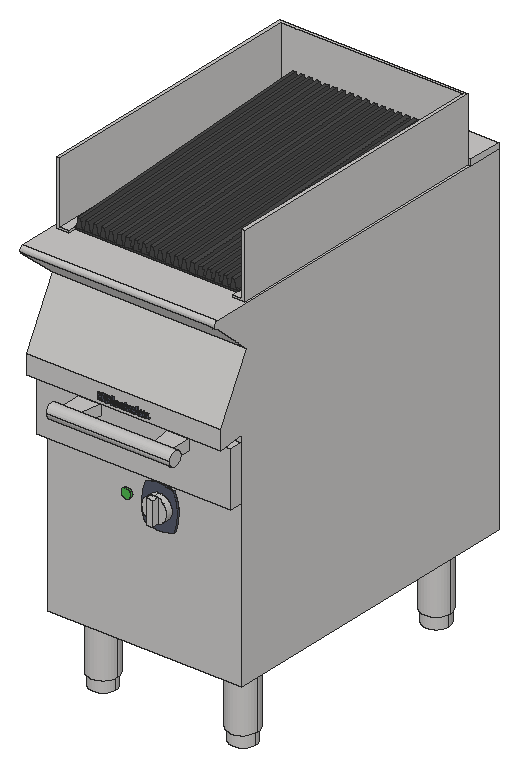
Revit family "QF_ELECTROLUXPROFESSIONAL_371241_E7GREDGCFU", category Specialty Equipment, Revit 2018
Family settings
  Round Connector Dimension = Use Diameter
  Part Type = Normal
  Work Plane-Based = No
  Always vertical = Yes
  Cut with Voids When Loaded = No
  Shared = No
  Room Calculation Point = No
Parameters
  Width = 400.05 mm  # constant formula
  Weight in Pounds = 88  # constant formula
  Watts = 6000 VA  # 6000 W
  Volts = 400 V  # constant formula
  URL Cutsheet = "www.electrolux.com/foodservice"
  URL = "www.electrolux.com/foodservice"
  Type Mark [instance] = ""
  Status [instance] = ""
  Specification by User [instance] = ""
  Specification by Manufacturer = ""
  Show Logo [instance] = yes
  Show Clearance [instance] = yes
  Serial Number = ""
  Seismic Rating = ""
  SMACNA No = ""
  Revision Code [instance] = ""
  Phase = 3  # constant formula
  Omniclass Number and Title = ""
  Number of Poles [instance] = 1
  NAFEM Spec ID Number = ""
  Model = "371064"
  Min Ckt Ampacity = 0 A
  Max Overcurrent Protection = 0 A
  Masterspec = ""
  Manufacturer = "ELECTROLUX"
  Item Number [instance] = ""
  Installed By [instance] = ""
  Identify Quantity as Lot [instance] = yes
  Height = 333.375 mm  # constant formula
  HP = "8 HP"
  Furnished By [instance] = ""
  Foodservice Equipment Identifier [instance] = yes
  FL Amps = if(Phase = 3, Watts / (Volts * 1.73), Watts / Volts)  # 8.67052 A
  Electrical Remarks [instance] = "400 V/3N ph/50/60 Hz"  # constant formula
  Electric Connection Type [instance] = ""
  Elec Conn RI Height [instance] = 0 mm
  Elec Conn Connection Height [instance] = 0 mm
  Direct Waste Size = 0"
  Description = "700XP Half Module Freestanding Electric Char-Grill"
  Depth = 730.25 mm  # constant formula
  Cycle [instance] = if([60 Hertz Option], 60 Hz, 50 Hz)  # 60 Hz
  Conn Plug = ""
  Conn Conduit = yes
  CSI MasterFormat = ""
  CSI Master Format = ""
  Base Height [instance] = 150 mm  # constant formula
  Assembly Code = ""
  Apparent Power = if(Phase = 3, Volts * FL Amps * 1.73, Volts * FL Amps)  # 6000 VA
  60 Hertz Option [instance] = not([50 Hertz Option])  # yes
  50 Hertz Option [instance] = no
Reference planes
  plane 1 "BACK": y = 0
  plane 2: z = 0
  plane 3 "LEFT": x = 0
  plane 4 "RIGHT": x = 400.05
  plane 5 "FRONT": y = -730.25
  plane 6 "TOP": z = 982
  plane 7 "Center Y": x = 200.025
  plane 8 "Center X": y = -365.125
  plane 9 "BASE": z = 601
  plane 10 "TOP A": z = 851
  plane 11: y = -587.387
  plane 12: y = -90
  plane 13: z = 150
  plane 14: y = -754.062
Forms (mm)
  Extrusion 1, solid, material "QF_Finishes_Stainless Steel"
    sketch origin (0, 0, 0) x (0, 1, 0) y (0, 0, 1)
      loop
        line (0, 851) -> (-722.928, 851)
        arc (-722.928, 851) -> (-729.69, 846.314) -> (-727.679, 838.336) r 7.223
        line (-727.679, 838.336) -> (-646.919, 767.809) -> (-713.772, 646.19) -> (-713.772, 608.09) -> (-660.4, 613.7) -> (-660.4, 150) -> (0, 150) -> (0, 851)
      loop
        line (-687.387, 601) -> (-687.387, 487.732) -> (-661.987, 487.732) -> (-661.987, 601) -> (-687.387, 601)
    from 0 to 400.05
  Extrusion 2, solid, material "QF_Finishes_Navy Blue", visible <- "Show Logo"
    sketch origin (-140, -713.772, 608.09) x (0, 0, 1) y (-1, 0, 0)
      loop
        line (20.674, -296.698) -> (8.307, -296.698)
        arc (8.307, -296.698) -> (14.491, -301.27) -> (20.674, -296.698) r 6.467
      loop
        arc (20.674, -296.069) -> (19.505, -290.926) -> (14.849, -288.448) r 6.338
        line (14.849, -288.448) -> (14.849, -290.494)
        arc (14.849, -290.494) -> (16.333, -294.149) -> (19.778, -296.069) r 5.941
        line (19.778, -296.069) -> (20.674, -296.069)
      loop
        arc (9.203, -296.069) -> (12.648, -294.149) -> (14.132, -290.494) r 5.941
        line (14.132, -290.494) -> (14.132, -288.448)
        arc (14.132, -288.448) -> (9.438, -290.922) -> (8.148, -296.069) r 6.504
        line (8.148, -296.069) -> (9.203, -296.069)
      loop
        line (21.349, -287.979) -> (7.604, -287.979) -> (7.604, -301.742) -> (21.349, -301.742) -> (21.349, -287.979)
      loop
        arc (21.432, -304.71) -> (21.085, -304.352) -> (20.718, -304.69) r 0.358
        arc (20.718, -304.69) -> (20.404, -305.44) -> (19.687, -305.825) r 1.216
        line (19.687, -305.825) -> (9.274, -305.825)
        arc (9.274, -305.825) -> (8.614, -305.548) -> (8.218, -304.951) r 1.238
        arc (8.218, -304.951) -> (7.823, -304.7) -> (7.518, -305.054) r 0.358
        line (7.518, -305.054) -> (7.518, -314.933) -> (10.269, -314.933) -> (10.269, -314.036)
        arc (10.269, -314.036) -> (9.36, -313.456) -> (8.904, -312.479) r 1.928
        line (8.904, -312.479) -> (8.904, -309.98)
        arc (8.904, -309.98) -> (9.18, -309.251) -> (9.868, -308.887) r 1.101
        line (9.868, -308.887) -> (13.955, -308.887) -> (13.955, -312.561)
        arc (13.955, -312.561) -> (13.602, -313.058) -> (13.037, -313.286) r 1.083
        arc (13.037, -313.286) -> (12.773, -313.591) -> (13.065, -313.869) r 0.292
        line (13.065, -313.869) -> (16.028, -313.869)
        arc (16.028, -313.869) -> (16.33, -313.596) -> (16.092, -313.266) r 0.305
        arc (16.092, -313.266) -> (15.601, -313.018) -> (15.296, -312.561) r 1.083
        line (15.296, -312.561) -> (15.296, -308.887) -> (19.973, -308.887) -> (19.973, -312.635)
        arc (19.973, -312.635) -> (19.759, -313.39) -> (19.153, -313.888) r 1.314
        arc (19.153, -313.888) -> (18.934, -314.292) -> (19.288, -314.585) r 0.361
        line (19.288, -314.585) -> (21.432, -314.585) -> (21.432, -304.71)
      loop
        arc (20.715, -315.365) -> (20.335, -316.284) -> (19.416, -316.664) r 1.299
        line (19.416, -316.664) -> (9.837, -316.664)
        arc (9.837, -316.664) -> (8.999, -316.286) -> (8.728, -315.408) r 1.118
        line (8.728, -315.408) -> (7.518, -315.408) -> (7.518, -320.758) -> (8.706, -320.758)
        arc (8.706, -320.758) -> (8.978, -319.841) -> (9.848, -319.445) r 1.153
        line (9.848, -319.445) -> (21.92, -319.445) -> (20.715, -315.365)
      loop
        line (12.483, -323.394) -> (12.483, -329.842) -> (13.282, -329.842)
        arc (13.282, -329.842) -> (15.862, -328.857) -> (17.131, -326.404) r 3.874
        line (17.131, -326.404) -> (17.131, -324.643)
        arc (17.131, -324.643) -> (15.944, -321.778) -> (13.08, -320.592) r 4.051
        line (13.08, -320.592) -> (11.072, -320.592)
        arc (11.072, -320.592) -> (8.253, -322.077) -> (7.202, -325.084) r 4.352
        arc (7.202, -325.084) -> (7.566, -327.547) -> (8.943, -329.621) r 5.713
        line (8.943, -329.621) -> (9.892, -329.621)
        arc (9.892, -329.621) -> (9.16, -328.052) -> (8.943, -326.334) r 5.579
        arc (8.943, -326.334) -> (9.737, -324.371) -> (11.616, -323.394) r 3.057
        line (11.616, -323.394) -> (12.483, -323.394)
      loop
        line (13.742, -323.394) -> (13.742, -326.977)
        arc (13.742, -326.977) -> (15.199, -327.024) -> (16.082, -325.864) r 1.59
        line (16.082, -325.864) -> (16.082, -325.034)
        arc (16.082, -325.034) -> (15.217, -323.779) -> (13.742, -323.394) r 2.184
      loop
        arc (16.533, -339.259) -> (17.022, -337.585) -> (17.179, -335.848) r 9.023
        line (17.179, -335.848) -> (17.179, -334.486)
        arc (17.179, -334.486) -> (16.02, -331.686) -> (13.22, -330.527) r 3.959
        line (13.22, -330.527) -> (10.62, -330.527)
        arc (10.62, -330.527) -> (8.338, -331.819) -> (7.221, -334.192) r 4.331
        line (7.221, -334.192) -> (7.221, -336.327)
        arc (7.221, -336.327) -> (7.729, -337.877) -> (8.651, -339.223) r 5.772
        arc (8.651, -339.223) -> (9.412, -339.274) -> (9.499, -338.515) r 0.553
        arc (9.499, -338.515) -> (9.111, -337.781) -> (8.977, -336.962) r 2.573
        line (8.977, -336.962) -> (8.977, -335.447)
        arc (8.977, -335.447) -> (9.983, -333.806) -> (11.798, -333.163) r 2.884
        line (11.798, -333.163) -> (13.077, -333.163)
        arc (13.077, -333.163) -> (14.898, -333.723) -> (15.824, -335.388) r 2.554
        line (15.824, -335.388) -> (15.824, -336.441)
        arc (15.824, -336.441) -> (15.493, -337.369) -> (14.836, -338.104) r 2.564
        arc (14.836, -338.104) -> (14.614, -338.821) -> (15.223, -339.259) r 0.643
        line (15.223, -339.259) -> (16.533, -339.259)
      loop
        line (15.515, -339.53) -> (15.515, -341.031) -> (9.467, -341.031)
        arc (9.467, -341.031) -> (7.879, -341.688) -> (7.221, -343.276) r 2.246
        line (7.221, -343.276) -> (7.221, -344.86)
        arc (7.221, -344.86) -> (7.535, -345.725) -> (8.035, -346.496) r 4.06
        arc (8.035, -346.496) -> (8.768, -346.629) -> (9.019, -345.928) r 0.576
        arc (9.019, -345.928) -> (8.913, -345.403) -> (8.977, -344.87) r 1.69
        arc (8.977, -344.87) -> (9.519, -344.082) -> (10.425, -343.779) r 1.506
        line (10.425, -343.779) -> (15.563, -343.779) -> (15.563, -346.176) -> (16.119, -346.733) -> (16.941, -346.733) -> (16.941, -343.873) -> (20.172, -343.873) -> (15.515, -339.53)
      loop
        line (7.438, -347.63) -> (7.438, -353.017) -> (8.548, -353.017)
        arc (8.548, -353.017) -> (8.942, -352.066) -> (9.893, -351.672) r 1.345
        line (9.893, -351.672) -> (13.509, -351.672)
        arc (13.509, -351.672) -> (14.274, -352.264) -> (14.564, -353.186) r 1.615
        line (14.564, -353.186) -> (14.564, -354.742) -> (17.119, -355.427) -> (17.119, -354.044) -> (15.177, -351.485) -> (17.057, -351.485) -> (16.773, -348.779)
        arc (16.773, -348.779) -> (16.333, -348.249) -> (15.674, -348.45) r 0.621
        arc (15.674, -348.45) -> (15.274, -348.792) -> (14.78, -348.975) r 1.501
        line (14.78, -348.975) -> (9.893, -348.975)
        arc (9.893, -348.975) -> (8.942, -348.581) -> (8.548, -347.63) r 1.345
        line (8.548, -347.63) -> (7.438, -347.63)
      loop
        line (13.54, -354.964) -> (10.848, -354.964)
        arc (10.848, -354.964) -> (8.403, -356.272) -> (7.269, -358.803) r 4.288
        arc (7.269, -358.803) -> (7.205, -360.183) -> (7.269, -361.563) r 15.022
        arc (7.269, -361.563) -> (8.403, -364.094) -> (10.848, -365.401) r 4.288
        line (10.848, -365.401) -> (13.54, -365.401)
        arc (13.54, -365.401) -> (15.986, -364.094) -> (17.119, -361.563) r 4.288
        arc (17.119, -361.563) -> (17.183, -360.183) -> (17.119, -358.803) r 15.022
        arc (17.119, -358.803) -> (15.986, -356.272) -> (13.54, -354.964) r 4.288
      loop
        line (13.745, -358.078) -> (10.643, -358.078)
        arc (10.643, -358.078) -> (8.486, -360.235) -> (10.643, -362.392) r 2.157
        line (10.643, -362.392) -> (13.745, -362.392)
        arc (13.745, -362.392) -> (15.902, -360.235) -> (13.745, -358.078) r 2.157
      loop
        arc (20.726, -365.26) -> (20.355, -366.154) -> (19.461, -366.524) r 1.264
        line (19.461, -366.524) -> (9.597, -366.524)
        arc (9.597, -366.524) -> (8.727, -366.127) -> (8.455, -365.211) r 1.153
        line (8.455, -365.211) -> (7.518, -365.211) -> (7.518, -370.319) -> (8.446, -370.319)
        arc (8.446, -370.319) -> (8.805, -369.547) -> (9.597, -369.232) r 1.153
        line (9.597, -369.232) -> (21.92, -369.232) -> (20.726, -365.26)
      loop
        arc (15.846, -369.857) -> (15.647, -370.921) -> (14.678, -371.403) r 1.215
        line (14.678, -371.403) -> (9.658, -371.403)
        arc (9.658, -371.403) -> (8.043, -372.051) -> (7.322, -373.634) r 2.338
        line (7.322, -373.634) -> (7.322, -375.148)
        arc (7.322, -375.148) -> (7.497, -376.152) -> (7.999, -377.038) r 2.979
        line (7.999, -377.038) -> (7.518, -378.835) -> (7.518, -380.524) -> (16.943, -380.524) -> (16.649, -376.32) -> (15.863, -376.32)
        arc (15.863, -376.32) -> (15.507, -377.156) -> (14.755, -377.665) r 1.605
        line (14.755, -377.665) -> (9.652, -377.665)
        arc (9.652, -377.665) -> (9.232, -376.728) -> (9.159, -375.704) r 2.94
        arc (9.159, -375.704) -> (9.72, -374.603) -> (10.873, -374.16) r 1.724
        line (10.873, -374.16) -> (17.07, -374.16) -> (15.846, -369.857)
      loop
        line (16.874, -381.377) -> (15.202, -383.423) -> (12.028, -385.729) -> (8.572, -382.617)
        arc (8.572, -382.617) -> (8.335, -382.223) -> (8.357, -381.764) r 0.789
        line (8.357, -381.764) -> (7.518, -381.764) -> (7.518, -385.309) -> (8.344, -385.309)
        arc (8.344, -385.309) -> (8.686, -384.947) -> (9.176, -385.039) r 0.52
        line (9.176, -385.039) -> (10.976, -386.51) -> (8.858, -387.886)
        arc (8.858, -387.886) -> (8.457, -387.576) -> (8.37, -387.076) r 0.7
        line (8.37, -387.076) -> (7.518, -387.076) -> (7.518, -393.003) -> (8.405, -393.003)
        arc (8.405, -393.003) -> (8.472, -392.344) -> (8.866, -391.813) r 1.247
        line (8.866, -391.813) -> (13.066, -388.532) -> (15.513, -390.585) -> (16.874, -392.327) -> (16.874, -388.604) -> (15.389, -389.026) -> (13.868, -387.749) -> (15.568, -386.559) -> (16.874, -387.336) -> (16.874, -381.377)
    from 0 to 1.644
  Extrusion 3, solid, material "QF_Finishes_Clearance", visible <- "Show Clearance", detail levels coarse
    sketch origin (0, 0, 0) x (1, 0, 0) y (0, 1, 0)
      loop
        line (0, -730.25) -> (0, 0) -> (400.05, 0) -> (400.05, -730.25) -> (550.069, -730.25) -> (550.069, 150.019) -> (-150.019, 150.019) -> (-150.019, -730.25) -> (0, -730.25)
    from 0 to 982
  Revolve 4, solid, material "QF_Finishes_Stainless Steel"
    sketch origin (0, -587.387, 608.09) x (0, 0, 1) y (-1, 0, 0)
      loop
        line (-608.09, -56) -> (-458.09, -56) -> (-458.09, -26) -> (-583.09, -26) -> (-583.09, -29.75) -> (-608.09, -29.75) -> (-608.09, -56)
      axis (-608.09, -56) -> (-458.09, -56)
    angle from 0 to 360
  Revolve 5, solid, material "QF_Finishes_Stainless Steel"
    sketch origin (400.05, -587.387, 608.09) x (0, 0, 1) y (-1, 0, 0)
      loop
        line (-608.09, 56) -> (-608.09, 29.75) -> (-583.09, 29.75) -> (-583.09, 26) -> (-458.09, 26) -> (-458.09, 56) -> (-608.09, 56)
      axis (-608.09, 56) -> (-458.09, 56)
    angle from 0 to 360
  Revolve 6, solid, material "QF_Finishes_Stainless Steel"
    sketch origin (0, -90, 608.09) x (0, 0, 1) y (-1, 0, 0)
      loop
        line (-608.09, -56) -> (-458.09, -56) -> (-458.09, -26) -> (-583.09, -26) -> (-583.09, -29.75) -> (-608.09, -29.75) -> (-608.09, -56)
      axis (-608.09, -56) -> (-458.09, -56)
    angle from 0 to 360
  Revolve 7, solid, material "QF_Finishes_Stainless Steel"
    sketch origin (400.05, -90, 608.09) x (0, 0, 1) y (-1, 0, 0)
      loop
        line (-608.09, 56) -> (-608.09, 29.75) -> (-583.09, 29.75) -> (-583.09, 26) -> (-458.09, 26) -> (-458.09, 56) -> (-608.09, 56)
      axis (-608.09, 56) -> (-458.09, 56)
    angle from 0 to 360
  Extrusion 8, solid, material "QF_Finishes_Stainless Steel"
    sketch origin (-77.88, -4572, 150) x (-1, 0, 0) y (0, -1, 0)
      loop
        circle (-435.067, -4105.275) r 12.7
    from 3.2 to 0
  Extrusion 9, solid, material "QF_Finishes_Navy Blue"
    sketch origin (72.375, -660.4, 355.674) x (0, 0, 1) y (-1, 0, 0)
      loop
        arc (105.947, -132.667) -> (68.865, -123.686) -> (31.333, -130.548) r 91.844
        arc (31.333, -130.548) -> (24.206, -161.19) -> (31.333, -191.833) r 69.441
        arc (31.333, -191.833) -> (68.854, -198.544) -> (105.947, -189.765) r 93.759
        arc (105.947, -189.765) -> (112.176, -161.216) -> (105.947, -132.667) r 68.543
    from 0 to 3.175
  Extrusion 10, solid, material "QF_Finishes_Stainless Steel"
    sketch origin (72.375, -663.575, 355.674) x (0, 0, 1) y (-1, 0, 0)
      loop
        circle (68.826, -160.963) r 25.4
    from 0 to 12.7
  Extrusion 11, solid, material "QF_Finishes_Stainless Steel"
    sketch origin (72.375, -676.275, 355.674) x (0, 0, 1) y (-1, 0, 0)
      loop
        arc (93.558, -166.749) -> (94.226, -160.963) -> (93.558, -155.177) r 25.4
        line (93.558, -155.177) -> (44.094, -155.177)
        arc (44.094, -155.177) -> (43.426, -160.963) -> (44.094, -166.749) r 25.4
        line (44.094, -166.749) -> (93.558, -166.749)
    from 0 to 12.7
  Extrusion 12, solid, material "QF_Finishes_Stainless Steel"
    sketch origin (-77.88, -4572, 150) x (-1, 0, 0) y (0, -1, 0)
      loop
        circle (-412.93, -4071) r 6.35
    from 50 to 48.4
  Extrusion 13, solid, material "QF_Finishes_Stainless Steel"
    sketch origin (200.025, 0, -2.5) x (0, 1, 0) y (0, 0, 1)
      loop
        circle (-740.063, 582.209) r 14
    from -127 to 127
  Extrusion 14, solid, material "QF_Finishes_Stainless Steel"
    sketch origin (-23.75, 0, 567.009) x (-1, 0, 0) y (0, -1, 0)
      loop
        line (-110.525, 741.563) -> (-144.518, 741.563) -> (-154.518, 687.387) -> (-110.525, 687.387) -> (-110.525, 741.563)
      loop
        line (-337.025, 741.563) -> (-337.025, 687.387) -> (-293.032, 687.387) -> (-303.032, 741.563) -> (-337.025, 741.563)
    from 0 to 21.491
  Extrusion 15, solid, material "QF_Finishes_Green"
    sketch origin (-2.625, -660.4, 355.674) x (0, 0, 1) y (-1, 0, 0)
      loop
        circle (69.533, -167.488) r 10
    from 0 to 3.175
  Sweep 16, solid, material "QF_Finishes_Stainless Steel"
    path origin (0, 0, 851) x (0, -1, 0) y (1, 0, 0)
      loop
        line (644.885, 387.35) -> (76.2, 387.35) -> (76.2, 12.7) -> (644.885, 12.7)
    profile origin (12.7, -360.542, 851) x (1, 0, 0) y (0, 0, 1)
      loop
        line (-6.35, 0) -> (19.05, 0) -> (19.05, 3.2) -> (0, 3.2) -> (0, 131) -> (-6.35, 131) -> (-6.35, 0)
  Extrusion 17, solid, material "QF_Finishes_Black"
    sketch origin (200.025, 0, 0) x (0, 1, 0) y (0, 0, 1)
      loop
        line (-629.41, 851) -> (-76.2, 851) -> (-76.2, 883.24) -> (-629.41, 854.99) -> (-629.41, 851)
    from -168.275 to 168.275
  Extrusion 18, solid, material "QF_Finishes_Stainless Steel"
    sketch origin (0, 0, 851) x (0, -1, 0) y (1, 0, 0)
      loop
        line (69.85, 0) -> (69.85, 400.05) -> (0, 400.05) -> (0, 0) -> (69.85, 0)
    from 0 to 12.5
  Extrusion 19, solid, material "QF_Finishes_Drawer Clearance", visible <- "Show Clearance", detail levels coarse
    sketch origin (0, -687.387, 601) x (0, 0, -1) y (1, 0, 0)
      loop
        line (113.268, 400.05) -> (0, 400.05) -> (0, 0) -> (113.268, 0) -> (113.268, 400.05)
    from 0 to 676.275
Cuts and joins
  joined: Extrusion 13, Extrusion 14
Lines and regions (mm)
  symbolic lines, style "QF-Clearances", visible <- "Show Clearance", detail levels coarse
    curve 1: line (-150.019, 150.019, 851) -> (-150.019, -731.627, 851)
    curve 2: line (550.069, 150.019, 851) -> (-150.019, 150.019, 851)
    curve 3: line (550.069, -731.627, 851) -> (550.069, 150.019, 851)
  symbolic lines
    curve 4: line (0, 0, 851) -> (400.05, 0, 851)
    curve 5: line (0, -730.25, 851) -> (0, 0, 851)
    curve 6: line (400.05, 0, 851) -> (400.05, -730.25, 851)
    curve 7: line (0, -69.85, 851) -> (0, -63.012, 851)
    curve 8: line (400.05, -730.25, 851) -> (0, -730.25, 851)
    curve 9: line (0, -69.85, 851) -> (400.05, -69.85, 851)
    curve 20: line (31.75, -644.885, 851) -> (31.75, -76.2, 851)
    curve 21: line (368.3, -76.2, 851) -> (368.3, -644.885, 851)
    curve 22: line (73.025, -754.063, 851) -> (327.025, -754.063, 851)
    curve 23: line (73.025, -730.25, 851) -> (73.025, -754.063, 851)
    curve 24: line (327.025, -754.063, 851) -> (327.025, -730.25, 851)
    curve 25: line (31.75, -629.41, 851) -> (368.3, -629.41, 851)
  symbolic lines, style "QF_Drawer Clearance"
    curve 10: line (0, -730.25, 851) -> (0, -1363.662, 851)
    curve 11: line (0, -1363.662, 851) -> (400.05, -1363.663, 851)
    curve 12: line (400.05, -1363.663, 851) -> (400.05, -730.25, 851)
  symbolic lines, style "SpecialityEquipment"
    curve 13: line (6.35, -69.85, 851) -> (6.35, -644.885, 851)
    curve 14: line (6.35, -644.885, 851) -> (31.75, -644.885, 851)
    curve 15: line (12.7, -644.885, 851) -> (12.7, -76.2, 851)
    curve 16: line (12.7, -76.2, 851) -> (387.35, -76.2, 851)
    curve 17: line (387.35, -76.2, 851) -> (387.35, -644.885, 851)
    curve 18: line (368.3, -644.885, 851) -> (393.7, -644.885, 851)
    curve 19: line (393.7, -644.885, 851) -> (393.7, -69.85, 851)
Dimensions and locks
  equal spacing: plane 3 "LEFT", plane 7 "Center Y", plane 4 "RIGHT"
  "Width": plane 3 "LEFT" to plane 4 "RIGHT"
  equal spacing: plane 5 "FRONT", plane 8 "Center X", plane 1 "BACK"
  "Depth": plane 5 "FRONT" to plane 1 "BACK"
  plane 1 "BACK" to plane 5 "FRONT" = 730.25 mm
  locked: plane 10 "TOP A" to plane 9 "BASE" at 250
  "Base Height": plane 13 to level
  Extrusion 8 sketch curve to plane 1 "BACK" = 466.725 mm
  Extrusion 8 sketch curve to plane 4 "RIGHT" = 42.863 mm
  plane 6 "TOP" to level = 982 mm
  plane 1 "BACK" to plane 14 = 754.063 mm
  equal spacing: group 1, group 3, group 4, group 5, group 6, group 7, group 8, group 9, group 10, group 11, group 12, group 13, group 14, group 15, group 16, group 17, group 18, group 19, group 20, group 2  (x3)
  aligned and locked: level to plane 2
  aligned and locked: plane 4 "RIGHT" to Extrusion 1
  aligned and locked: plane 6 "TOP" to Extrusion 3
Automatic sketch dimensions
  Extrusion 1 sketch curve to plane 10 "TOP A" = 0 mm
  Extrusion 1 sketch curve to plane 9 "BASE" = 0 mm
  Extrusion 1 sketch curve to plane 13 = 0 mm
  Extrusion 1 sketch curve to plane 1 "BACK" = 0 mm
  plane 11 to Extrusion 1 sketch curve = 59.531 mm
  plane 9 "BASE" to Extrusion 1 sketch curve = 12.7 mm
  Extrusion 1 sketch curve to plane 5 "FRONT" = 69.85 mm
  Extrusion 1 sketch curve to Extrusion 1 sketch curve = 1.588 mm
  Extrusion 1 sketch curve to Extrusion 1 sketch curve = 25.4 mm
  plane 9 "BASE" to Extrusion 1 sketch curve = 7.09 mm
  Extrusion 1 sketch curve to plane 5 "FRONT" = 16.478 mm
  Extrusion 1 sketch curve to plane 5 "FRONT" = 7.322 mm
  Extrusion 1 sketch curve to plane 5 "FRONT" = 2.571 mm
  Extrusion 1 sketch curve to Extrusion 1 sketch curve = 113.268 mm
  Extrusion 1 sketch curve to Extrusion 1 sketch curve = 38.1 mm
  Extrusion 1 sketch curve to plane 10 "TOP A" = 83.191 mm
  Extrusion 1 sketch curve to plane 10 "TOP A" = 12.664 mm
  Extrusion 2 sketch curve to Extrusion 1 = 2.161 mm
  Extrusion 2 sketch curve to Extrusion 1 = 7.202 mm
  Extrusion 2 sketch curve to Extrusion 1 = 7.221 mm  (x2)
  Extrusion 2 sketch curve to Extrusion 2 sketch curve = 5.108 mm  (x2)
  Extrusion 2 sketch curve to Extrusion 2 sketch curve = 0 mm  (x27)
  Extrusion 2 sketch curve to Extrusion 1 = 7.322 mm
  Extrusion 2 sketch curve to Extrusion 2 sketch curve = 0.218 mm
  Extrusion 2 sketch curve to Extrusion 2 sketch curve = 0.195 mm
  Extrusion 2 sketch curve to Extrusion 2 sketch curve = 0.249 mm
  Extrusion 2 sketch curve to Extrusion 1 = 7.518 mm
  Extrusion 2 sketch curve to Extrusion 2 sketch curve = 0.087 mm
  Extrusion 2 sketch curve to Extrusion 2 sketch curve = 0.358 mm
  Extrusion 2 sketch curve to Extrusion 2 sketch curve = 0.481 mm
  Extrusion 2 sketch curve to Extrusion 2 sketch curve = 0.597 mm
  Extrusion 2 sketch curve to Extrusion 2 sketch curve = 0.544 mm
  Extrusion 2 sketch curve to Extrusion 2 sketch curve = 0.936 mm
  Extrusion 2 sketch curve to Extrusion 2 sketch curve = 0.594 mm
  Extrusion 2 sketch curve to Extrusion 2 sketch curve = 0.343 mm
  Extrusion 2 sketch curve to Extrusion 2 sketch curve = 0.159 mm
  Extrusion 2 sketch curve to Extrusion 2 sketch curve = 0.826 mm
  Extrusion 2 sketch curve to Extrusion 2 sketch curve = 0.839 mm
  Extrusion 2 sketch curve to Extrusion 2 sketch curve = 0.852 mm
  Extrusion 2 sketch curve to Extrusion 2 sketch curve = 0.887 mm
  Extrusion 2 sketch curve to Extrusion 2 sketch curve = 0.928 mm
  Extrusion 2 sketch curve to Extrusion 2 sketch curve = 0.938 mm
  Extrusion 2 sketch curve to Extrusion 2 sketch curve = 0.444 mm
  Extrusion 2 sketch curve to Extrusion 2 sketch curve = 1.11 mm  (x3)
  Extrusion 2 sketch curve to Extrusion 2 sketch curve = 0.215 mm
  Extrusion 2 sketch curve to Extrusion 2 sketch curve = 1.43 mm
  Extrusion 2 sketch curve to Extrusion 2 sketch curve = 1.188 mm
  Extrusion 2 sketch curve to Extrusion 2 sketch curve = 1.21 mm  (x2)
  Extrusion 2 sketch curve to Extrusion 2 sketch curve = 0.503 mm
  Extrusion 2 sketch curve to Extrusion 2 sketch curve = 0.488 mm
  Extrusion 2 sketch curve to Extrusion 2 sketch curve = 0.462 mm
  Extrusion 2 sketch curve to Extrusion 2 sketch curve = 1.386 mm
  Extrusion 2 sketch curve to Extrusion 2 sketch curve = 1.742 mm  (x2)
  Extrusion 2 sketch curve to Extrusion 2 sketch curve = 0.821 mm
  Extrusion 2 sketch curve to Extrusion 2 sketch curve = 0.497 mm
  Extrusion 2 sketch curve to Extrusion 2 sketch curve = 0.539 mm
  Extrusion 2 sketch curve to Extrusion 2 sketch curve = 0.686 mm
  Extrusion 2 sketch curve to Extrusion 2 sketch curve = 0.408 mm
  Extrusion 2 sketch curve to Extrusion 2 sketch curve = 0.743 mm
  Extrusion 2 sketch curve to Extrusion 2 sketch curve = 1.16 mm
  Extrusion 2 sketch curve to Extrusion 2 sketch curve = 0.329 mm
  Extrusion 2 sketch curve to Extrusion 2 sketch curve = 1.054 mm
  Extrusion 2 sketch curve to Extrusion 2 sketch curve = 1.056 mm
  Extrusion 2 sketch curve to Extrusion 2 sketch curve = 0.129 mm
  Extrusion 2 sketch curve to Extrusion 2 sketch curve = 0.489 mm
  Extrusion 2 sketch curve to Extrusion 2 sketch curve = 0.441 mm
  Extrusion 2 sketch curve to Extrusion 2 sketch curve = 1.151 mm
  Extrusion 2 sketch curve to Extrusion 2 sketch curve = 1.141 mm  (x2)
  Extrusion 2 sketch curve to Extrusion 2 sketch curve = 0.768 mm
  Extrusion 2 sketch curve to Extrusion 2 sketch curve = 1.653 mm
  Extrusion 2 sketch curve to Extrusion 2 sketch curve = 0.499 mm
  Extrusion 2 sketch curve to Extrusion 2 sketch curve = 0.964 mm
  Extrusion 2 sketch curve to Extrusion 2 sketch curve = 0.949 mm
  Extrusion 2 sketch curve to Extrusion 2 sketch curve = 1.345 mm  (x3)
  Extrusion 2 sketch curve to Extrusion 2 sketch curve = 0.137 mm  (x2)
  Extrusion 2 sketch curve to Extrusion 2 sketch curve = 0.432 mm
  Extrusion 2 sketch curve to Extrusion 2 sketch curve = 1.142 mm
  Extrusion 2 sketch curve to Extrusion 2 sketch curve = 0.959 mm
  Extrusion 2 sketch curve to Extrusion 2 sketch curve = 0.176 mm
  Extrusion 2 sketch curve to Extrusion 2 sketch curve = 0.728 mm
  Extrusion 2 sketch curve to Extrusion 2 sketch curve = 3.375 mm  (x2)
  Extrusion 2 sketch curve to Extrusion 2 sketch curve = 1.905 mm
  Extrusion 2 sketch curve to Extrusion 2 sketch curve = 0.955 mm
  Extrusion 2 sketch curve to Extrusion 2 sketch curve = 1.251 mm
  Extrusion 2 sketch curve to Extrusion 2 sketch curve = 0.572 mm
  Extrusion 2 sketch curve to Extrusion 2 sketch curve = 1.92 mm
  Extrusion 2 sketch curve to Extrusion 2 sketch curve = 1.224 mm
  Extrusion 2 sketch curve to Extrusion 2 sketch curve = 0.745 mm
  Extrusion 2 sketch curve to Extrusion 2 sketch curve = 2.537 mm
  Extrusion 2 sketch curve to Extrusion 2 sketch curve = 0.896 mm  (x3)
  Extrusion 2 sketch curve to Extrusion 2 sketch curve = 0.036 mm
  Extrusion 2 sketch curve to Extrusion 2 sketch curve = 2.607 mm
  Extrusion 2 sketch curve to Extrusion 2 sketch curve = 0.066 mm
  Extrusion 2 sketch curve to Extrusion 2 sketch curve = 0.248 mm
  Extrusion 2 sketch curve to Extrusion 2 sketch curve = 0.449 mm
  Extrusion 2 sketch curve to Extrusion 2 sketch curve = 1.052 mm
  Extrusion 2 sketch curve to Extrusion 2 sketch curve = 1.863 mm
  Extrusion 2 sketch curve to Extrusion 2 sketch curve = 1.31 mm  (x2)
  Extrusion 2 sketch curve to Extrusion 2 sketch curve = 0.901 mm
  Extrusion 2 sketch curve to Extrusion 2 sketch curve = 1.107 mm
  Extrusion 2 sketch curve to Extrusion 2 sketch curve = 2.122 mm
  Extrusion 2 sketch curve to Extrusion 2 sketch curve = 2.101 mm
  Extrusion 2 sketch curve to Extrusion 2 sketch curve = 0.106 mm
  Extrusion 2 sketch curve to Extrusion 2 sketch curve = 0.029 mm
  Extrusion 2 sketch curve to Extrusion 2 sketch curve = 2.09 mm
  Extrusion 2 sketch curve to Extrusion 2 sketch curve = 1.279 mm
  Extrusion 2 sketch curve to Extrusion 2 sketch curve = 2.008 mm
  Extrusion 2 sketch curve to Extrusion 2 sketch curve = 0.738 mm
  Extrusion 2 sketch curve to Extrusion 2 sketch curve = 0.382 mm
  Extrusion 2 sketch curve to Extrusion 2 sketch curve = 0.384 mm
  Extrusion 2 sketch curve to Extrusion 2 sketch curve = 0.002 mm
  Extrusion 2 sketch curve to Extrusion 2 sketch curve = 0.561 mm
  Extrusion 2 sketch curve to Extrusion 2 sketch curve = 0.592 mm
  Extrusion 2 sketch curve to Extrusion 2 sketch curve = 2.692 mm
  Extrusion 2 sketch curve to Extrusion 2 sketch curve = 1.259 mm
  Extrusion 2 sketch curve to Extrusion 2 sketch curve = 0.802 mm
  Extrusion 2 sketch curve to Extrusion 2 sketch curve = 1.024 mm
  Extrusion 2 sketch curve to Extrusion 2 sketch curve = 0.682 mm
  Extrusion 2 sketch curve to Extrusion 2 sketch curve = 5.934 mm
  Extrusion 2 sketch curve to Extrusion 2 sketch curve = 2.186 mm
  Extrusion 2 sketch curve to Extrusion 2 sketch curve = 0.337 mm
  Extrusion 2 sketch curve to Extrusion 2 sketch curve = 0.021 mm
  Extrusion 2 sketch curve to Extrusion 2 sketch curve = 1.005 mm
  Extrusion 2 sketch curve to Extrusion 2 sketch curve = 0.552 mm
  Extrusion 2 sketch curve to Extrusion 2 sketch curve = 0.778 mm
  Extrusion 2 sketch curve to Extrusion 2 sketch curve = 0.063 mm
  Extrusion 2 sketch curve to Extrusion 2 sketch curve = 1.023 mm
  Extrusion 2 sketch curve to Extrusion 2 sketch curve = 3.804 mm
  Extrusion 2 sketch curve to Extrusion 2 sketch curve = 0.486 mm
  Extrusion 2 sketch curve to Extrusion 2 sketch curve = 0.266 mm
  Extrusion 2 sketch curve to Extrusion 2 sketch curve = 1.547 mm
  Extrusion 2 sketch curve to Extrusion 2 sketch curve = 0.717 mm  (x2)
  Extrusion 2 sketch curve to Extrusion 2 sketch curve = 1.667 mm
  Extrusion 2 sketch curve to Extrusion 2 sketch curve = 3.174 mm
  Extrusion 2 sketch curve to Extrusion 2 sketch curve = 0.388 mm
  Extrusion 2 sketch curve to Extrusion 2 sketch curve = 1.342 mm
  Extrusion 2 sketch curve to Extrusion 2 sketch curve = 1.521 mm
  Extrusion 2 sketch curve to Extrusion 2 sketch curve = 0.124 mm
  Extrusion 2 sketch curve to Extrusion 2 sketch curve = 0.291 mm
  Extrusion 2 sketch curve to Extrusion 2 sketch curve = 1.049 mm  (x2)
  Extrusion 2 sketch curve to Extrusion 2 sketch curve = 1.7 mm
  Extrusion 2 sketch curve to Extrusion 2 sketch curve = 0.894 mm
  Extrusion 2 sketch curve to Extrusion 2 sketch curve = 0.989 mm
  Extrusion 2 sketch curve to Extrusion 2 sketch curve = 1.168 mm
  Extrusion 2 sketch curve to Extrusion 2 sketch curve = 1.594 mm
  Extrusion 2 sketch curve to Extrusion 2 sketch curve = 0.731 mm
  Extrusion 2 sketch curve to Extrusion 2 sketch curve = 1.566 mm
  Extrusion 2 sketch curve to Extrusion 2 sketch curve = 0.064 mm
  Extrusion 2 sketch curve to Extrusion 2 sketch curve = 0.556 mm  (x2)
  Extrusion 2 sketch curve to Extrusion 2 sketch curve = 0.48 mm
  Extrusion 2 sketch curve to Extrusion 2 sketch curve = 0.228 mm
  Extrusion 2 sketch curve to Extrusion 2 sketch curve = 1.018 mm
  Extrusion 2 sketch curve to Extrusion 2 sketch curve = 0.787 mm
  Extrusion 2 sketch curve to Extrusion 2 sketch curve = 0.618 mm
  Extrusion 2 sketch curve to Extrusion 2 sketch curve = 1.672 mm
  Extrusion 2 sketch curve to Extrusion 2 sketch curve = 1.361 mm
  Extrusion 2 sketch curve to Extrusion 2 sketch curve = 0.822 mm
  Extrusion 2 sketch curve to Extrusion 2 sketch curve = 0.069 mm
  Extrusion 2 sketch curve to Extrusion 2 sketch curve = 1.88 mm
  Extrusion 2 sketch curve to Extrusion 2 sketch curve = 0.42 mm
  Extrusion 2 sketch curve to Extrusion 2 sketch curve = 0.062 mm
  Extrusion 2 sketch curve to Extrusion 2 sketch curve = 1.355 mm
  Extrusion 2 sketch curve to Extrusion 2 sketch curve = 2.34 mm
  Extrusion 2 sketch curve to Extrusion 2 sketch curve = 0.493 mm
  Extrusion 2 sketch curve to Extrusion 2 sketch curve = 0.136 mm
  Extrusion 2 sketch curve to Extrusion 2 sketch curve = 0.128 mm
  Extrusion 2 sketch curve to Extrusion 2 sketch curve = 3.616 mm
  Extrusion 2 sketch curve to Extrusion 2 sketch curve = 4.207 mm
  Extrusion 2 sketch curve to Extrusion 2 sketch curve = 0.183 mm
  Extrusion 2 sketch curve to Extrusion 2 sketch curve = 0.895 mm
  Extrusion 2 sketch curve to Extrusion 2 sketch curve = 1.314 mm
  Extrusion 2 sketch curve to Extrusion 2 sketch curve = 3.231 mm
  Extrusion 2 sketch curve to Extrusion 2 sketch curve = 1.299 mm
  Extrusion 2 sketch curve to Extrusion 2 sketch curve = 1.214 mm
  Extrusion 2 sketch curve to Extrusion 2 sketch curve = 1.264 mm
  Extrusion 2 sketch curve to Extrusion 2 sketch curve = 0.109 mm
  Extrusion 2 sketch curve to Extrusion 2 sketch curve = 0.357 mm
  Extrusion 2 sketch curve to Extrusion 2 sketch curve = 0.565 mm
  Extrusion 2 sketch curve to Extrusion 2 sketch curve = 2.504 mm
  Extrusion 2 sketch curve to Extrusion 2 sketch curve = 2.459 mm
  Extrusion 1 to Extrusion 2 sketch curve = 147.047 mm
  Extrusion 2 sketch curve to Extrusion 2 sketch curve = 0.208 mm
  Extrusion 2 sketch curve to Extrusion 2 sketch curve = 0.468 mm  (x2)
  Extrusion 2 sketch curve to Extrusion 2 sketch curve = 1.559 mm
  Extrusion 2 sketch curve to Extrusion 2 sketch curve = 0.422 mm  (x2)
  Extrusion 2 sketch curve to Extrusion 2 sketch curve = 0.494 mm
  Extrusion 2 sketch curve to Extrusion 2 sketch curve = 3.927 mm
  Extrusion 2 sketch curve to Extrusion 2 sketch curve = 0.782 mm
  Extrusion 2 sketch curve to Extrusion 2 sketch curve = 1.268 mm
  Extrusion 2 sketch curve to Extrusion 2 sketch curve = 0.671 mm
  Extrusion 2 sketch curve to Extrusion 2 sketch curve = 0.777 mm
  Extrusion 2 sketch curve to Extrusion 2 sketch curve = 0.704 mm
  Extrusion 2 sketch curve to Extrusion 2 sketch curve = 0.781 mm  (x2)
  Extrusion 2 sketch curve to Extrusion 2 sketch curve = 1.634 mm
  Extrusion 2 sketch curve to Extrusion 2 sketch curve = 0.132 mm
  Extrusion 2 sketch curve to Extrusion 2 sketch curve = 3.136 mm
  Extrusion 2 sketch curve to Extrusion 2 sketch curve = 2.422 mm
  Extrusion 2 sketch curve to Extrusion 2 sketch curve = 0.586 mm
  Extrusion 2 sketch curve to Extrusion 2 sketch curve = 2.046 mm  (x2)
  Extrusion 2 sketch curve to Extrusion 2 sketch curve = 1.241 mm
  Extrusion 2 sketch curve to Extrusion 2 sketch curve = 1.689 mm
  Extrusion 2 sketch curve to Extrusion 2 sketch curve = 2.859 mm
  Extrusion 2 sketch curve to Extrusion 2 sketch curve = 0.627 mm
  Extrusion 2 sketch curve to Extrusion 2 sketch curve = 0.863 mm
  Extrusion 2 sketch curve to Extrusion 2 sketch curve = 0.419 mm
  Extrusion 2 sketch curve to Extrusion 2 sketch curve = 1.514 mm
  Extrusion 2 sketch curve to Extrusion 2 sketch curve = 1.019 mm
  Extrusion 2 sketch curve to Extrusion 2 sketch curve = 0.065 mm
  Extrusion 2 sketch curve to Extrusion 2 sketch curve = 1.215 mm
  Extrusion 2 sketch curve to Extrusion 2 sketch curve = 2.708 mm
  Extrusion 2 sketch curve to Extrusion 2 sketch curve = 1.122 mm
  Extrusion 2 sketch curve to Extrusion 2 sketch curve = 1.153 mm
  Extrusion 2 sketch curve to Extrusion 2 sketch curve = 3.009 mm
  Extrusion 2 sketch curve to Extrusion 2 sketch curve = 0.829 mm  (x2)
  Extrusion 2 sketch curve to Extrusion 2 sketch curve = 0.934 mm
  Extrusion 2 sketch curve to Extrusion 2 sketch curve = 3.376 mm
  Extrusion 2 sketch curve to Extrusion 2 sketch curve = 0.222 mm
  Extrusion 2 sketch curve to Extrusion 2 sketch curve = 1.383 mm
  Extrusion 2 sketch curve to Extrusion 2 sketch curve = 1.556 mm
  Extrusion 2 sketch curve to Extrusion 2 sketch curve = 2.559 mm
  Extrusion 2 sketch curve to Extrusion 2 sketch curve = 2.51 mm
  Extrusion 2 sketch curve to Extrusion 2 sketch curve = 0.131 mm
  Extrusion 2 sketch curve to Extrusion 2 sketch curve = 1.717 mm
  Extrusion 2 sketch curve to Extrusion 2 sketch curve = 1.134 mm
  Extrusion 2 sketch curve to Extrusion 2 sketch curve = 0.366 mm
  Extrusion 2 sketch curve to Extrusion 2 sketch curve = 0.094 mm
  Extrusion 2 sketch curve to Extrusion 2 sketch curve = 1.584 mm
  Extrusion 2 sketch curve to Extrusion 2 sketch curve = 1.501 mm
  Extrusion 2 sketch curve to Extrusion 2 sketch curve = 0.27 mm
  Extrusion 2 sketch curve to Extrusion 2 sketch curve = 1.808 mm
  Extrusion 2 sketch curve to Extrusion 2 sketch curve = 0.643 mm
  Extrusion 2 sketch curve to Extrusion 2 sketch curve = 0.916 mm
  Extrusion 2 sketch curve to Extrusion 2 sketch curve = 0.352 mm
  Extrusion 2 sketch curve to Extrusion 2 sketch curve = 0.458 mm
  Extrusion 2 sketch curve to Extrusion 2 sketch curve = 1.282 mm
  Extrusion 2 sketch curve to Extrusion 2 sketch curve = 1.363 mm
  Extrusion 2 sketch curve to Extrusion 2 sketch curve = 0.685 mm
  Extrusion 2 sketch curve to Extrusion 2 sketch curve = 0.905 mm
  Extrusion 2 sketch curve to Extrusion 2 sketch curve = 2.865 mm
  Extrusion 2 sketch curve to Extrusion 2 sketch curve = 0.472 mm
  Extrusion 2 sketch curve to Extrusion 2 sketch curve = 0.101 mm
  Extrusion 2 sketch curve to Extrusion 2 sketch curve = 0.54 mm
  Extrusion 2 sketch curve to Extrusion 2 sketch curve = 0.02 mm
  Extrusion 2 sketch curve to Extrusion 2 sketch curve = 0.582 mm
  Extrusion 2 sketch curve to Extrusion 2 sketch curve = 0.166 mm
  Extrusion 2 sketch curve to Extrusion 2 sketch curve = 0.16 mm
  Extrusion 2 sketch curve to Extrusion 2 sketch curve = 2.781 mm
  Extrusion 2 sketch curve to Extrusion 2 sketch curve = 1.118 mm
  Extrusion 2 sketch curve to Extrusion 2 sketch curve = 0.613 mm
  Extrusion 2 sketch curve to Extrusion 2 sketch curve = 0.361 mm
  Extrusion 2 sketch curve to Extrusion 2 sketch curve = 0.897 mm
  Extrusion 2 sketch curve to Extrusion 2 sketch curve = 0.167 mm
  Extrusion 2 sketch curve to Extrusion 2 sketch curve = 0.292 mm
  Extrusion 2 sketch curve to Extrusion 2 sketch curve = 0.305 mm
  Extrusion 2 sketch curve to Extrusion 2 sketch curve = 1.557 mm
  Extrusion 2 sketch curve to Extrusion 2 sketch curve = 2.499 mm
  Extrusion 2 sketch curve to Extrusion 2 sketch curve = 3.062 mm
  Extrusion 2 sketch curve to Extrusion 2 sketch curve = 2.968 mm
  Extrusion 2 sketch curve to Extrusion 2 sketch curve = 5.044 mm
  Extrusion 2 sketch curve to Extrusion 2 sketch curve = 0.629 mm  (x2)
  Extrusion 2 sketch curve to Extrusion 2 sketch curve = 1.131 mm
  Extrusion 2 sketch curve to Extrusion 2 sketch curve = 0.027 mm
  Extrusion 2 sketch curve to Extrusion 2 sketch curve = 2.235 mm
  plane 5 "FRONT" to Extrusion 3 sketch curve = 0 mm  (x2)
  plane 1 "BACK" to Extrusion 3 sketch curve = 0 mm
  Extrusion 3 sketch curve to plane 3 "LEFT" = 0 mm
  Extrusion 3 sketch curve to plane 4 "RIGHT" = 0 mm
  Extrusion 3 sketch curve to plane 3 "LEFT" = 150.019 mm
  Extrusion 3 sketch curve to Extrusion 3 sketch curve = 150.019 mm
  Extrusion 3 sketch curve to plane 1 "BACK" = 150.019 mm
  Revolve 4 sketch curve to level = 0 mm
  Revolve 4 sketch curve to plane 13 = 0 mm  (x2)
  level to Revolve 4 sketch curve = 25 mm
  Revolve 4 sketch curve to Revolve 4 sketch curve = 20 mm
  plane 3 "LEFT" to Revolve 4 sketch curve = 56 mm
  Revolve 4 sketch curve to Revolve 4 sketch curve = 0 mm
  plane 3 "LEFT" to Revolve 4 sketch curve = 29.75 mm
  plane 3 "LEFT" to Revolve 4 sketch curve = 26 mm
  Revolve 5 sketch curve to level = 0 mm
  Revolve 5 sketch curve to plane 13 = 0 mm  (x2)
  level to Revolve 5 sketch curve = 25 mm
  Revolve 5 sketch curve to Revolve 5 sketch curve = 20 mm
  Revolve 5 sketch curve to plane 4 "RIGHT" = 26 mm
  Revolve 5 sketch curve to Revolve 5 sketch curve = 3.75 mm
  Revolve 5 sketch curve to Revolve 5 sketch curve = 30 mm
  Revolve 5 sketch curve to Revolve 5 sketch curve = 0 mm
  Revolve 6 sketch curve to level = 0 mm
  Revolve 6 sketch curve to plane 13 = 0 mm  (x2)
  level to Revolve 6 sketch curve = 25 mm
  Revolve 6 sketch curve to Revolve 6 sketch curve = 20 mm
  plane 3 "LEFT" to Revolve 6 sketch curve = 56 mm
  Revolve 6 sketch curve to Revolve 6 sketch curve = 0 mm
  plane 3 "LEFT" to Revolve 6 sketch curve = 29.75 mm
  plane 3 "LEFT" to Revolve 6 sketch curve = 26 mm
  Revolve 7 sketch curve to level = 0 mm
  Revolve 7 sketch curve to plane 13 = 0 mm  (x2)
  level to Revolve 7 sketch curve = 25 mm
  Revolve 7 sketch curve to Revolve 7 sketch curve = 20 mm
  Revolve 7 sketch curve to plane 4 "RIGHT" = 26 mm
  Revolve 7 sketch curve to Revolve 7 sketch curve = 3.75 mm
  Revolve 7 sketch curve to Revolve 7 sketch curve = 30 mm
  Revolve 7 sketch curve to Revolve 7 sketch curve = 0 mm
  plane 7 "Center Y" to Extrusion 9 sketch curve = 2.899 mm
  Extrusion 9 sketch curve to plane 9 "BASE" = 213.993 mm
  Extrusion 9 sketch curve to Extrusion 9 sketch curve = 0 mm
  Extrusion 9 sketch curve to Extrusion 9 sketch curve = 12.3 mm  (x3)
  Extrusion 9 sketch curve to Extrusion 9 sketch curve = 34.925 mm  (x2)
  Extrusion 9 sketch curve to plane 7 "Center Y" = 22.828 mm
  Extrusion 9 sketch curve to Extrusion 9 sketch curve = 50.015 mm
  plane 7 "Center Y" to Extrusion 9 sketch curve = 5.017 mm
  Extrusion 9 sketch curve to Extrusion 9 sketch curve = 23.66 mm
  Extrusion 11 sketch curve to Extrusion 11 sketch curve = 24.732 mm
  Extrusion 11 sketch curve to Extrusion 11 sketch curve = 0 mm
  Extrusion 12 sketch curve to Extrusion 12 sketch curve = 0 mm  (x2)
  Extrusion 12 sketch curve to plane 4 "RIGHT" = 58.65 mm
  Extrusion 12 sketch curve to Extrusion 12 sketch curve = 6.35 mm
  Extrusion 12 sketch curve to plane 11 = 86.388 mm
  plane 5 "FRONT" to Extrusion 13 sketch curve = 9.813 mm
  Extrusion 13 sketch curve to plane 9 "BASE" = 21.291 mm
  Extrusion 14 sketch curve to plane 5 "FRONT" = 42.863 mm  (x2)
  Extrusion 14 sketch curve to plane 4 "RIGHT" = 86.775 mm
  plane 5 "FRONT" to Extrusion 14 sketch curve = 11.313 mm  (x2)
  Extrusion 14 sketch curve to Extrusion 14 sketch curve = 33.993 mm
  Extrusion 14 sketch curve to Extrusion 14 sketch curve = 43.993 mm  (x2)
  Extrusion 14 sketch curve to plane 7 "Center Y" = 69.257 mm
  Extrusion 14 sketch curve to Extrusion 14 sketch curve = 10 mm
  Extrusion 15 sketch curve to plane 7 "Center Y" = 35.161 mm
  Extrusion 15 sketch curve to plane 9 "BASE" = 175.792 mm
  Extrusion 1 to Sweep 16 sketch curve = 12.7 mm  (x2)
  Extrusion 1 to Sweep 16 sketch curve = 76.2 mm
  Sweep 16 sketch curve to Extrusion 1 = 78.043 mm  (x2)
  profile plane to Sweep 16 sketch curve = 6.35 mm
  Sweep 16 sketch curve to profile plane = 0 mm
  Sweep 16 sketch curve to Sweep 16 sketch curve = 127.8 mm
  profile plane to Sweep 16 sketch curve = 3.2 mm
  Sweep 16 sketch curve to profile plane = 19.05 mm
  profile plane to Sweep 16 sketch curve = 0 mm
  Extrusion 17 sketch curve to plane 10 "TOP A" = 0 mm
  plane 11 to Extrusion 17 sketch curve = 42.023 mm
  plane 10 "TOP A" to Extrusion 17 sketch curve = 3.99 mm
  Extrusion 17 sketch curve to plane 12 = 13.8 mm
  Extrusion 17 sketch curve to Extrusion 17 sketch curve = 32.24 mm
  Extrusion 1 to Extrusion 18 sketch curve = 0 mm  (x2)
  Extrusion 18 sketch curve to Extrusion 1 = 0 mm
  Extrusion 18 sketch curve to Extrusion 18 sketch curve = 69.85 mm
  Extrusion 19 sketch curve to Extrusion 1 = 0 mm  (x3)
  Extrusion 1 to Extrusion 19 sketch curve = 0 mm
  curve 11 to plane 4 "RIGHT" = 0 mm
  plane 5 "FRONT" to curve 24 = 0 mm
  curve 22 to plane 14 = 0 mm
  curve 11 to plane 3 "LEFT" = 0 mm
  curve 7 to plane 3 "LEFT" = 0 mm
  plane 1 "BACK" to curve 5 = 0 mm
  plane 4 "RIGHT" to curve 3 = 150.019 mm
  curve 18 to plane 4 "RIGHT" = 6.35 mm
  curve 19 to curve 17 = 6.35 mm
  curve 17 to curve 25 = 19.05 mm
  curve 24 to plane 4 "RIGHT" = 73.025 mm
  plane 3 "LEFT" to curve 23 = 73.025 mm
  plane 3 "LEFT" to curve 25 = 31.75 mm
  curve 20 to plane 12 = 13.8 mm
  plane 3 "LEFT" to curve 15 = 12.7 mm
  curve 13 to curve 9 = 6.35 mm
  plane 5 "FRONT" to curve 1 = 1.377 mm
  curve 1 to plane 3 "LEFT" = 150.019 mm
  curve 2 to plane 1 "BACK" = 150.019 mm
  curve 7 to curve 15 = 13.188 mm
  curve 9 to curve 16 = 6.35 mm
  curve 7 to curve 9 = 0 mm
  plane 11 to curve 25 = 42.023 mm
  curve 25 to curve 19 = 15.475 mm
  curve 25 to curve 20 = 15.475 mm
  plane 5 "FRONT" to curve 3 = 1.377 mm
  curve 10 to plane 14 = 609.6 mm
  radius of Extrusion 8 sketch curve = 12.7 mm
  radius of Extrusion 10 sketch curve = 25.4 mm
  radius of Extrusion 11 sketch curve to Extrusion 10 = 0 mm  (x2)
  radius of Extrusion 13 sketch curve = 14 mm
  radius of Extrusion 15 sketch curve = 10 mm
Nested families
  nested 1: "371064_QF_Electrolux_GRILL" at (35.406, -76.2, 850.769), type "371064_QF_Electrolux_GRILL"
    with Type Mark "", Specification by User "", Revision Code "", Item Number "", Installed By "", Identify Quantity as Lot yes, Furnished By "", Foodservice Equipment Identifier yes
  nested 2: "371064_QF_Electrolux_GRILL" at (352.459, -76.2, 850.769), type "371064_QF_Electrolux_GRILL"
    with Type Mark "", Specification by User "", Revision Code "", Item Number "", Installed By "", Identify Quantity as Lot yes, Furnished By "", Foodservice Equipment Identifier yes
  nested 3: "371064_QF_Electrolux_GRILL" at (52.093, -76.2, 850.769), type "371064_QF_Electrolux_GRILL"
    with Type Mark "", Specification by User "", Revision Code "", Item Number "", Installed By "", Identify Quantity as Lot yes, Furnished By "", Foodservice Equipment Identifier yes
  nested 4: "371064_QF_Electrolux_GRILL" at (68.78, -76.2, 850.769), type "371064_QF_Electrolux_GRILL"
    with Type Mark "", Specification by User "", Revision Code "", Item Number "", Installed By "", Identify Quantity as Lot yes, Furnished By "", Foodservice Equipment Identifier yes
  nested 5: "371064_QF_Electrolux_GRILL" at (85.467, -76.2, 850.769), type "371064_QF_Electrolux_GRILL"
    with Type Mark "", Specification by User "", Revision Code "", Item Number "", Installed By "", Identify Quantity as Lot yes, Furnished By "", Foodservice Equipment Identifier yes
  nested 6: "371064_QF_Electrolux_GRILL" at (102.154, -76.2, 850.769), type "371064_QF_Electrolux_GRILL"
    with Type Mark "", Specification by User "", Revision Code "", Item Number "", Installed By "", Identify Quantity as Lot yes, Furnished By "", Foodservice Equipment Identifier yes
  nested 7: "371064_QF_Electrolux_GRILL" at (118.841, -76.2, 850.769), type "371064_QF_Electrolux_GRILL"
    with Type Mark "", Specification by User "", Revision Code "", Item Number "", Installed By "", Identify Quantity as Lot yes, Furnished By "", Foodservice Equipment Identifier yes
  nested 8: "371064_QF_Electrolux_GRILL" at (135.528, -76.2, 850.769), type "371064_QF_Electrolux_GRILL"
    with Type Mark "", Specification by User "", Revision Code "", Item Number "", Installed By "", Identify Quantity as Lot yes, Furnished By "", Foodservice Equipment Identifier yes
  nested 9: "371064_QF_Electrolux_GRILL" at (152.215, -76.2, 850.769), type "371064_QF_Electrolux_GRILL"
    with Type Mark "", Specification by User "", Revision Code "", Item Number "", Installed By "", Identify Quantity as Lot yes, Furnished By "", Foodservice Equipment Identifier yes
  nested 10: "371064_QF_Electrolux_GRILL" at (168.902, -76.2, 850.769), type "371064_QF_Electrolux_GRILL"
    with Type Mark "", Specification by User "", Revision Code "", Item Number "", Installed By "", Identify Quantity as Lot yes, Furnished By "", Foodservice Equipment Identifier yes
  nested 11: "371064_QF_Electrolux_GRILL" at (185.589, -76.2, 850.769), type "371064_QF_Electrolux_GRILL"
    with Type Mark "", Specification by User "", Revision Code "", Item Number "", Installed By "", Identify Quantity as Lot yes, Furnished By "", Foodservice Equipment Identifier yes
  nested 12: "371064_QF_Electrolux_GRILL" at (202.276, -76.2, 850.769), type "371064_QF_Electrolux_GRILL"
    with Type Mark "", Specification by User "", Revision Code "", Item Number "", Installed By "", Identify Quantity as Lot yes, Furnished By "", Foodservice Equipment Identifier yes
  nested 13: "371064_QF_Electrolux_GRILL" at (218.963, -76.2, 850.769), type "371064_QF_Electrolux_GRILL"
    with Type Mark "", Specification by User "", Revision Code "", Item Number "", Installed By "", Identify Quantity as Lot yes, Furnished By "", Foodservice Equipment Identifier yes
  nested 14: "371064_QF_Electrolux_GRILL" at (235.65, -76.2, 850.769), type "371064_QF_Electrolux_GRILL"
    with Type Mark "", Specification by User "", Revision Code "", Item Number "", Installed By "", Identify Quantity as Lot yes, Furnished By "", Foodservice Equipment Identifier yes
  nested 15: "371064_QF_Electrolux_GRILL" at (252.337, -76.2, 850.769), type "371064_QF_Electrolux_GRILL"
    with Type Mark "", Specification by User "", Revision Code "", Item Number "", Installed By "", Identify Quantity as Lot yes, Furnished By "", Foodservice Equipment Identifier yes
  nested 16: "371064_QF_Electrolux_GRILL" at (269.024, -76.2, 850.769), type "371064_QF_Electrolux_GRILL"
    with Type Mark "", Specification by User "", Revision Code "", Item Number "", Installed By "", Identify Quantity as Lot yes, Furnished By "", Foodservice Equipment Identifier yes
  nested 17: "371064_QF_Electrolux_GRILL" at (285.711, -76.2, 850.769), type "371064_QF_Electrolux_GRILL"
    with Type Mark "", Specification by User "", Revision Code "", Item Number "", Installed By "", Identify Quantity as Lot yes, Furnished By "", Foodservice Equipment Identifier yes
  nested 18: "371064_QF_Electrolux_GRILL" at (302.398, -76.2, 850.769), type "371064_QF_Electrolux_GRILL"
    with Type Mark "", Specification by User "", Revision Code "", Item Number "", Installed By "", Identify Quantity as Lot yes, Furnished By "", Foodservice Equipment Identifier yes
  nested 19: "371064_QF_Electrolux_GRILL" at (319.085, -76.2, 850.769), type "371064_QF_Electrolux_GRILL"
    with Type Mark "", Specification by User "", Revision Code "", Item Number "", Installed By "", Identify Quantity as Lot yes, Furnished By "", Foodservice Equipment Identifier yes
  nested 20: "371064_QF_Electrolux_GRILL" at (335.772, -76.2, 850.769), type "371064_QF_Electrolux_GRILL"
    with Type Mark "", Specification by User "", Revision Code "", Item Number "", Installed By "", Identify Quantity as Lot yes, Furnished By "", Foodservice Equipment Identifier yes
Connectors
  electrical at (357.188, -466.725, 150), driven by "Volts", driven by "Watts"
    settings: on Extrusion 8, index 1, voltage 400 V, apparent load 6000 VA, apparent load phase1 0 VA, apparent load phase2 0 VA, apparent load phase3 0 VA, power factor 1, load classification "Other", number of poles 1, system type 30, power factor state 1, is connector primary yes, connector utility no, sub classification motor no, connector description "Electrical Connection"
Definition of nested family "371064_QF_Electrolux_GRILL"
  Parameters
    Weight in Pounds = 0
    URL Cutsheet = ""
    URL = ""
    Type Mark [instance] = ""
    Specification by User [instance] = ""
    Specification by Manufacturer = ""
    Serial Number = ""
    Seismic Rating = ""
    SMACNA No = ""
    Revision Code [instance] = ""
    Omniclass Number and Title = ""
    NAFEM Spec ID Number = ""
    Model = ""
    Masterspec = ""
    Manufacturer = ""
    Item Number [instance] = ""
    Installed By [instance] = ""
    Identify Quantity as Lot [instance] = yes
    Furnished By [instance] = ""
    Foodservice Equipment Identifier [instance] = yes
    Description = ""
    CSI MasterFormat = ""
    CSI Master Format = ""
    Assembly Code = ""
  Reference planes
    plane 1 "BACK": y = 0
    plane 2: z = 0
    plane 3 "LEFT": x = 0
    plane 4 "RIGHT": x = 12.7
    plane 5 "FRONT": y = -553.21
    plane 6 "TOP": z = 19.576
    plane 7 "Center Y": x = 6.35
    plane 8 "Center X": y = -276.605
  Forms (mm)
    Extrusion 1, solid
      sketch origin (-1.421, -500.379, -5.797) x (1, 0, 0) y (0, -0.050999, 0.998699)
        loop
          line (1.421, 12.7) -> (14.121, 12.7) -> (11.081, 32.276) -> (4.46, 32.276) -> (1.421, 12.7)
      from 52.345 to -501.68
  Dimensions and locks
    equal spacing: plane 3 "LEFT", plane 7 "Center Y", plane 4 "RIGHT"
    plane 3 "LEFT" to plane 4 "RIGHT" = 12.7 mm
    equal spacing: plane 5 "FRONT", plane 8 "Center X", plane 1 "BACK"
    plane 5 "FRONT" to plane 1 "BACK" = 553.21 mm
    plane 6 "TOP" to level = 19.576 mm
    plane 1 "BACK" to plane 5 "FRONT" = 553.21 mm
    aligned and locked: level to plane 2
  Automatic sketch dimensions
    Extrusion 1 sketch curve to plane 3 "LEFT" = 0 mm
    Extrusion 1 sketch curve to plane 4 "RIGHT" = 0 mm
    plane 3 "LEFT" to Extrusion 1 sketch curve = 3.039 mm
    Extrusion 1 sketch curve to plane 4 "RIGHT" = 3.039 mm
    Extrusion 1 sketch curve to Extrusion 1 sketch curve = 19.576 mm
